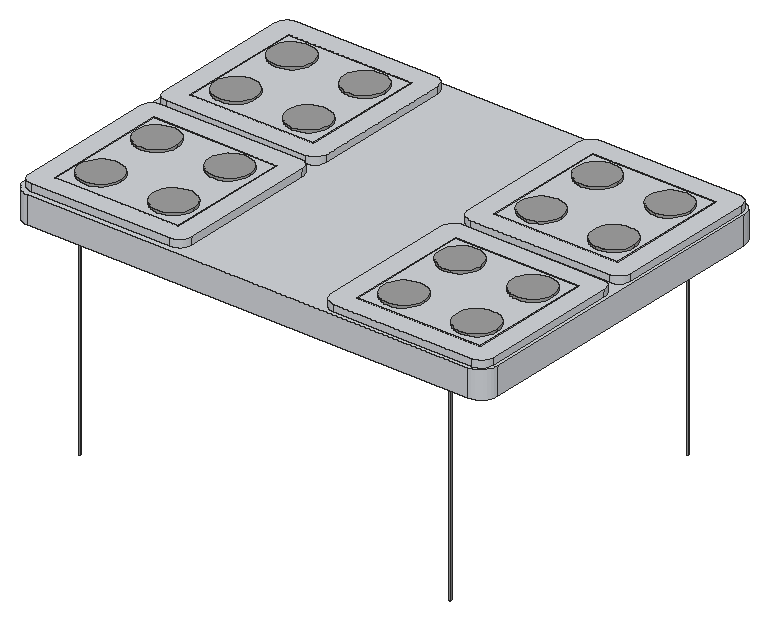
Revit family "Lighting-Industriale-GEWISS-SMART[4]HACCP_APPARECCHI-LED_4M_DALI", category Apparecchi per illuminazione, Revit 2019
Family settings
  Quota connettore circolare = Usa diametro
  Tipo di parte = Normale
  Numero OmniClass = 23.80.70.00
  Titolo OmniClass = Lighting
  Basato su piano di lavoro = Sì
  Sempre verticale = No
  Taglio con vuoti quando caricato = No
  Sorgente d'illuminazione = No
  Condiviso = No
  Punto di calcolo locali = No
Parameters (values of type "GWS4421HQ857 - SMART4HB 4M ST.AL.DALI HACCP ELL.57K")
  Voltaggio = 230 V
  Viti esterne = "Acciaio inox"
  Versione file RFA = "20.11"
  Vano di alimentazione = "Integrato"
  URL = "https://www.gewiss.com/it/it"
  Tolleranza cromatica = "SDCM = 3"
  Tipologia sorgente luminosa = "LED - Non sostituibile"
  Tipo di installazione e montaggio = "Plafone - Parete - Sospensione"
  Tipo di apparecchio = "Riflettore industriale a LED&nbsp;"
  Tensione di alimentazione = "220 - 240 V"
  Temperatura di stoccaggio = "-40 +70 °C"
  Temperatura di esercizio = "-30 +50 °C"
  Temperatura di colore = "5700K"
  Superficie massima esposta al vento : = "0,350 m²"
  Spostamento_y_etichetta [instance] = 0 mm
  Spostamento_y_effettivo_etichetta [instance] = 1500 mm - Spostamento_y_etichetta  # 1500 mm
  Spostamento_x_etichetta [instance] = 0 mm
  Spostamento_x_effettivo_etichetta [instance] = 1500 mm - Spostamento_x_etichetta  # 1500 mm
  SostituibilitÃ  piastra di cablaggio = "Non sostituibile"
  SostituibilitÃ  gruppo ottico = "Non sostituibile"
  Sistema di controllo : = "DALI"
  Sistema di controllo = "1 x DALI DT6"
  Schermo = "PMMA"
  Scheda Tecnica = "https://www.gewiss.com/it/it/search?q=GWS4421HQ857"
  SEO = "High bay"
  Resistenza al filo incandescente = "650 °C"
  Resistenza agli urti = "IK07"
  Produttore = "GEWISS S.p.A."
  Potenza di sistema = "253W"
  Peso (kg): = "13,5"
  Ottica = "Ellittica"
  Offset etichetta W [instance] = 150 mm
  Norma di riferimento = "EN 60598-1 ; EN 60598-2-1 ; EN 60598-2-24"
  Modello = "GWS4421HQ857"
  Materiali = "-"
  Lumen output (lm) = "32500"
  Lampada = "LED"
  Installazione e manutenzione = "-"
  Informazioni generali = "-"
  Indice di resa cromatica = "CRI-80"
  Inclinazione = "Con accessorio staffa"
  Immagine tipo = GWL1371.jpg
  IPEA = "-"
  IFC.TypeObject = ""
  IFC.ExportType = ""
  IFC.ExportAs = ""
  IDT = "8cae0c1428e746119892382860549084"
  IDF = "49b6653a-bfe8-4f28-939f-d650f0ba095b"
  Guarnizioni = "tipo siliconico antinvecchiamento "
  Gruppo ottico = "Riflettore in PC metallizzato e lenti in PMMA"
  Grado di protezione = "IP65"
  Garanzia = "5 anni"
  Gancio di chiusura = "-"
  Frequenza nominale (Hz) = "50/60 Hz"
  Fissaggio = "-"
  Finitura colore = "Grigio RAL 7035"
  Etichetta wattaggio [instance] = yes
  Spessore plafoniera = 40 mm  # constant formula
  Default Elevation = 1219.2 mm
  Proiettsmart4_simb [instance] = yes
  Plafoniera_bidimensionale [instance] = not(Proiettsmart4_simb)  # no
  Efficienza luminosa (lm/W) = "128"
  Durata di vita = "L90B10 (Tq+25°C) = 100.000 h - L90B10 (Tq+50°C) = 50.000 h"
  Dispositivo di protezione = "DM 6 kV / CM 10 kV"
  Descrizione = "SMART[4]HB 4M ST.AL.DALI HACCP ELL.57K"
  Creato da GEWISS S.p.A. = ""
  Corpo = "PA6 “Halogen Free” caricato fibra vetro"
  Controllo abbagliamento e luminanza = "-"
  Contesto = "Illuminazione di logistiche e locali produttivi industriali di tipo alimentari"
  Commenti sul wattaggio = "194W"
  Colore = "Grigio RAL 7035"
  Codice digitale univoco (Datamatrix) = "Datamatrix"
  Codice Electrocod = "2444"
  Classificazione: = "-"
  Classificazione = Lighting
  Classe isolamento = "I"
  Classe fotobiologica = "RG0"
  Certificazioni e classificazioni = "-"
  Certificazione DIN 18032-3 = "-"
  Catalogo = "LIGHTING"
  Carico apparente = 194 VA
  Lunghezza = 700 mm  # constant formula
  Larghezza = 504 mm  # constant formula
  Distanza_tot_plafoniera [instance] = 300 mm
  Distanza Sorg_Lum = 21.458 mm
  Caratteristiche ottiche e illuminotecniche = "-"
  Caratteristiche elettriche e gestione della luce = "-"
  Cablaggio = "Con connettore stagno Gw connect"
  COBie.Tagnumber = ""
  COBie.CreatedOn = ""
  COBie.CreatebBy = ""
  COBie.ComponentRegisterItemID = ""
  COBie.Component.TagNumber = ""
  COBie.Component.Space = ""
  COBie.Component.SerialNumber = ""
  COBie.Component.InstallationDate = ""
  COBie.Component.Description = ""
  COBie.Component.BarCode = ""
  Applicazione = "Interno"
  Apparecchio a ridotta temperatura superficiale = "Si"
  Alimentatore = "Incluso"
Types (12, lengths in mm): name | Temperatura di colore | Scheda Tecnica | SEO | Ottica | Modello | Lumen output (lm) | IDT | Gruppo ottico | Efficienza luminosa (lm/W) | Descrizione | Controllo abbagliamento e luminanza
  GWS4421HA840 - SMART4HB 4M ST.AL.DALI HACCP ARR.40K | "4000K" | "https://www.gewiss.com/it/it/search?q=GWS4421HA840" | "" | "Array" | "GWS4421HA840" | "36400" | "0210b93cf4374b0ab0eea4fe17e9f84e" | "Riflettore in PC metallizzato" | "144" | "SMART[4]HB 4M ST.AL.DALI HACCP ARR.40K" | "UGR - 25"
  GWS4421HA857 - SMART4HB 4M ST.AL.DALI HACCP ARR.57K | "5700K" | "https://www.gewiss.com/it/it/search?q=GWS4421HA857" | "" | "Array" | "GWS4421HA857" | "36400" | "1e9a5fec2e454c0e9347cb0d87d181c7" | "Riflettore in PC metallizzato" | "144" | "SMART[4]HB 4M ST.AL.DALI HACCP ARR.57K" | "UGR - 25"
  GWS4421HC840 - SMART4HB 4M ST.AL.DALI HACCP ASI.40K | "4000K" | "https://www.gewiss.com/it/it/search?q=GWS4421HC840" | "High bay" | "Asimmetrica" | "GWS4421HC840" | "33000" | "a894ce7d500a44668b02fffd6eb966c0" | "Riflettore in PC metallizzato e lenti in PMMA" | "130" | "SMART[4]HB 4M ST.AL.DALI HACCP ASI.40K" | "-"
  GWS4421HC857 - SMART4HB 4M ST.AL.DALI HACCP ASI.57K | "5700K" | "https://www.gewiss.com/it/it/search?q=GWS4421HC857" | "High bay" | "Asimmetrica" | "GWS4421HC857" | "33000" | "701970b846df4e6d9f75915896dc7cf9" | "Riflettore in PC metallizzato e lenti in PMMA" | "130" | "SMART[4]HB 4M ST.AL.DALI HACCP ASI.57K" | "-"
  GWS4421HF840 - SMART4HB 4M ST.AL.DALI HACCP 30° 40K | "4000K" | "https://www.gewiss.com/it/it/search?q=GWS4421HF840" | "" | "30°" | "GWS4421HF840" | "35700" | "290c3c1023564d9795263b0c5d546fe3" | "Riflettore in PC metallizzato e lenti in PMMA" | "141" | "SMART[4]HB 4M ST.AL.DALI HACCP 30° 40K" | "UGR - 19"
  GWS4421HF857 - SMART4HB 4M ST.AL.DALI HACCP 30° 57K | "5700K" | "https://www.gewiss.com/it/it/search?q=GWS4421HF857" | "" | "30°" | "GWS4421HF857" | "35700" | "4a32239c530042ba94b29557b786ad2c" | "Riflettore in PC metallizzato e lenti in PMMA" | "141" | "SMART[4]HB 4M ST.AL.DALI HACCP 30° 57K" | "UGR - 19"
  GWS4421HH840 - SMART4HB 4M ST.AL.DALI HACCP 60° 40K | "4000K" | "https://www.gewiss.com/it/it/search?q=GWS4421HH840" | "" | "60°" | "GWS4421HH840" | "36100" | "8428c04f35d04da8b97441649c1f88be" | "Riflettore in PC metallizzato e lenti in PMMA" | "143" | "SMART[4]HB 4M ST.AL.DALI HACCP 60° 40K" | "UGR - 22"
  GWS4421HH857 - SMART4HB 4M ST.AL.DALI HACCP 60° 57K | "5700K" | "https://www.gewiss.com/it/it/search?q=GWS4421HH857" | "" | "60°" | "GWS4421HH857" | "36100" | "af64887aca404c3d941e04a4dfe383f3" | "Riflettore in PC metallizzato e lenti in PMMA" | "143" | "SMART[4]HB 4M ST.AL.DALI HACCP 60° 57K" | "UGR - 22"
  GWS4421HP840 - SMART4HB 4M ST.AL.DALI HACCP 90° 40K | "4000K" | "https://www.gewiss.com/it/it/search?q=GWS4421HP840" | "" | "90°" | "GWS4421HP840" | "36100" | "70e9df6ecb5b48aeabc9627983f29cc4" | "Riflettore in PC metallizzato e lenti in PMMA" | "143" | "SMART[4]HB 4M ST.AL.DALI HACCP 90° 40K" | "UGR - 22"
  GWS4421HP857 - SMART4HB 4M ST.AL.DALI HACCP 90° 57K | "5700K" | "https://www.gewiss.com/it/it/search?q=GWS4421HP857" | "" | "90°" | "GWS4421HP857" | "36100" | "9659d56930f94aeaa07c9e9138f4a6b6" | "Riflettore in PC metallizzato e lenti in PMMA" | "143" | "SMART[4]HB 4M ST.AL.DALI HACCP 90° 57K" | "UGR - 22"
  GWS4421HQ840 - SMART4HB 4M ST.AL.DALI HACCP ELL.40K | "4000K" | "https://www.gewiss.com/it/it/search?q=GWS4421HQ840" | "High bay" | "Ellittica" | "GWS4421HQ840" | "32500" | "6a0113a7b5224e16ad02a7929e34902a" | "Riflettore in PC metallizzato e lenti in PMMA" | "128" | "SMART[4]HB 4M ST.AL.DALI HACCP ELL.40K" | "-"
  GWS4421HQ857 - SMART4HB 4M ST.AL.DALI HACCP ELL.57K | "5700K" | "https://www.gewiss.com/it/it/search?q=GWS4421HQ857" | "High bay" | "Ellittica" | "GWS4421HQ857" | "32500" | "8cae0c1428e746119892382860549084" | "Riflettore in PC metallizzato e lenti in PMMA" | "128" | "SMART[4]HB 4M ST.AL.DALI HACCP ELL.57K" | "-"
Reference planes
  plane 1 "Asse sorgente illuminazione (F/B)": y = 0
  plane 2 "2": z = 0
  plane 3 "Asse sorgente illuminazione (L/R)": x = 0
  plane 4 "Prospetto sorgente di illuminazione": z = 1500
  plane 5: x = -350
  plane 6: y = 252
  plane 7: x = 350
  plane 8: y = -252
  plane 9: x = 345
  plane 10: x = -345
  plane 11: x = -104.5
  plane 12: x = 104.5
  plane 13: y = 0
  plane 14: y = -1500
  plane 15: z = 300
  plane 16: z = 340
  plane 17: z = 350
  plane 18: x = -1500
  plane 19: x = 0
  plane 20: y = 0
Dimensions and locks
  equal spacing: plane 6, plane 1 "Asse sorgente illuminazione (F/B)", plane 8
  "Larghezza": plane 6 to plane 8
  equal spacing: plane 5, plane 3 "Asse sorgente illuminazione (L/R)", plane 7
  "Lunghezza": plane 5 to plane 7
  locked: plane 5 to plane 10 at 5
  locked: plane 9 to plane 7 at 5
  locked: plane 16 to plane 15 at 40
  plane 17 to plane 16 = 10 mm
  "Distanza_tot_plafoniera": plane 15 to plane 2 "2"
  plane 18 to plane 3 "Asse sorgente illuminazione (L/R)" = 1500 mm
  plane 1 "Asse sorgente illuminazione (F/B)" to plane 14 = 1500 mm
  "Spostamento_y_effettivo_etichetta": plane 20 to plane 14
  "Spostamento_x_effettivo_etichetta": plane 18 to plane 19
  aligned and locked: level to plane 2 "2"
  aligned and locked: plane 5 to nested 1
  aligned and locked: plane 6 to nested 1
  aligned and locked: plane 9 to nested 2  (x2)
  aligned and locked: plane 10 to nested 12
  aligned and locked: nested 1 to plane 15
  aligned and locked: nested 17 to plane 16
  aligned and locked: plane 16 to nested 12
  aligned and locked: plane 16 to nested 7
  aligned and locked: nested 2 to plane 16
  aligned and locked: plane 17 to nested 19
  aligned and locked: nested 21 to plane 17
  aligned and locked: plane 17 to nested 16
  aligned and locked: nested 14 to plane 17
  aligned and locked: plane 17 to nested 18
  aligned and locked: nested 20 to plane 17
  aligned and locked: plane 17 to nested 15
  aligned and locked: nested 13 to plane 17
  aligned and locked: nested 8 to plane 17
  aligned and locked: plane 17 to nested 10
  aligned and locked: nested 5 to plane 17
  aligned and locked: plane 17 to nested 3
  aligned and locked: nested 9 to plane 17
  aligned and locked: plane 17 to nested 11
  aligned and locked: nested 6 to plane 17
  aligned and locked: plane 17 to nested 4
  aligned and locked: nested 22 to plane 2 "2"
  aligned and locked: nested 23 to plane 2 "2"
  aligned and locked: nested 24 to plane 2 "2"
  aligned and locked: nested 25 to plane 2 "2"
  aligned and locked: nested 28 to plane 20
  aligned and locked: nested 28 to plane 19
Nested families
  nested 1: "Struttura_SMART 4" at (0, 0, 340), type "SMART 4 HB - 4 x 4L"
  nested 2: "mascherina_SMART (4)" at (225, 127, 350), type "Maschera_smart (4) 4L", detail levels fine
  nested 3: "Gewis - Led" at (172.217, 179, 353), type "Gewis - Led", detail levels medium+fine
  nested 4: "Gewis - Led" at (280, 179, 353), type "Gewis - Led", detail levels medium+fine
  nested 5: "Gewis - Led" at (172.217, 75, 353), type "Gewis - Led", detail levels medium+fine
  nested 6: "Gewis - Led" at (280, 75, 353), type "Gewis - Led", detail levels medium+fine
  nested 7: "mascherina_SMART (4)" at (225, -127, 350), type "Maschera_smart (4) 4L", detail levels fine
  nested 8: "Gewis - Led" at (172.217, -179, 353), type "Gewis - Led", detail levels medium+fine
  nested 9: "Gewis - Led" at (280, -179, 353), type "Gewis - Led", detail levels medium+fine
  nested 10: "Gewis - Led" at (172.217, -75, 353), type "Gewis - Led", detail levels medium+fine
  nested 11: "Gewis - Led" at (280, -75, 353), type "Gewis - Led", detail levels medium+fine
  nested 12: "mascherina_SMART (4)" at (-225, 127, 350) x (-1, 0, 0) z (0, 0, 1), type "Maschera_smart (4) 4L", detail levels fine
  nested 13: "Gewis - Led" at (-172.217, 179, 353) x (-1, 0, 0) z (0, 0, 1), type "Gewis - Led", detail levels medium+fine
  nested 14: "Gewis - Led" at (-280, 179, 353) x (-1, 0, 0) z (0, 0, 1), type "Gewis - Led", detail levels medium+fine
  nested 15: "Gewis - Led" at (-172.217, 75, 353) x (-1, 0, 0) z (0, 0, 1), type "Gewis - Led", detail levels medium+fine
  nested 16: "Gewis - Led" at (-280, 75, 353) x (-1, 0, 0) z (0, 0, 1), type "Gewis - Led", detail levels medium+fine
  nested 17: "mascherina_SMART (4)" at (-225, -123, 350) x (-1, 0, 0) z (0, 0, 1), type "Maschera_smart (4) 4L", detail levels fine
  nested 18: "Gewis - Led" at (-172.217, -175, 353) x (-1, 0, 0) z (0, 0, 1), type "Gewis - Led", detail levels medium+fine
  nested 19: "Gewis - Led" at (-280, -175, 353) x (-1, 0, 0) z (0, 0, 1), type "Gewis - Led", detail levels medium+fine
  nested 20: "Gewis - Led" at (-172.217, -71, 353) x (-1, 0, 0) z (0, 0, 1), type "Gewis - Led", detail levels medium+fine
  nested 21: "Gewis - Led" at (-280, -71, 353) x (-1, 0, 0) z (0, 0, 1), type "Gewis - Led", detail levels medium+fine
  nested 22: "Sospensione_ SMART LAB 4" at (274.338, -220.687, 0), Altezza sospensione <- "Distanza_tot_plafoniera", type "Sospensione_ SMART LAB 4"
    with Altezza sospensione 300 mm
  nested 23: "Sospensione_ SMART LAB 4" at (274.338, 219.313, 0), Altezza sospensione <- "Distanza_tot_plafoniera", type "Sospensione_ SMART LAB 4"
    with Altezza sospensione 300 mm
  nested 24: "Sospensione_ SMART LAB 4" at (-274.338, -220.687, 0), Altezza sospensione <- "Distanza_tot_plafoniera", type "Sospensione_ SMART LAB 4"
    with Altezza sospensione 300 mm
  nested 25: "Sospensione_ SMART LAB 4" at (-274.338, 219.313, 0), Altezza sospensione <- "Distanza_tot_plafoniera", type "Sospensione_ SMART LAB 4"
    with Altezza sospensione 300 mm
  nested 26: "Rappr_ bidimensionale" at (0, 0, 0), visible <- "Plafoniera_bidimensionale", type "4 X4 LED"
  nested 27: "PROIETTSMART - 4" at (0, 0, 0), visible <- "Proiettsmart4_simb", type "PROIETTSMART - 4"
  nested 28: "ETICHETTA LIGHT" at (0, 0, 0), type "ETICHETTA LIGHT"
Connectors
  electrical at (0.009, -0.098, 300), driven by "Classificazione", driven by "Carico apparente"
    settings: on nested 1, index 1, voltage 230 V, apparent load 0 VA, apparent load phase1 194 VA, apparent load phase2 0 VA, apparent load phase3 0 VA, power factor 1, load classification "Lighting", number of poles 2, system type 31, power factor state 1, is connector primary yes, connector utility no, sub classification motor no, connector description ""
Definition of nested family "Struttura_SMART 4"
  Parameters (values of type "SMART 4 HB - 4 x 4L")
    Struttura plafoniera = none
    Spessore_plafoniera = 40 mm
    Lunghezza = 700 mm
    Larghezza = 504 mm
  Types (2, lengths in mm): name | Lunghezza | Larghezza
    SMART 4 HB - 4+4L | 699 | 254
    SMART 4 HB - 4 x 4L | 700 | 504
  Reference planes
    plane 1 "Asse sorgente illuminazione (F/B)": y = 0
    plane 2: z = 0
    plane 3 "Asse sorgente illuminazione (L/R)": x = 0
    plane 4 "Prospetto sorgente di illuminazione": z = -40
    plane 5 "SX": x = -350
    plane 6 "DX": x = 350
    plane 7 "DIETRO": y = 252
    plane 8 "AVANTI": y = -252
    plane 9: x = 107
    plane 10: x = 339
    plane 11: y = -241
    plane 12: y = 241
    plane 13: x = -339
    plane 14: x = -107
  Forms (mm)
    Extrusion 1, solid, material <- "Struttura plafoniera"
      sketch origin (0, 0, 0) x (1, 0, 0) y (0, 1, 0)
        loop
          line (350, -227.595) -> (350, 227.59)
          arc (350, 227.59) -> (342.85, 244.85) -> (325.59, 252) r 24.41
          line (325.59, 252) -> (-325.509, 252)
          arc (-325.509, 252) -> (-343.054, 244.6) -> (-350, 226.871) r 24.499
          line (-350, 226.871) -> (-350, -227.592)
          arc (-350, -227.592) -> (-342.851, -244.851) -> (-325.592, -252) r 24.408
          line (-325.592, -252) -> (325.617, -252)
          arc (325.617, -252) -> (342.834, -244.868) -> (349.965, -227.652) r 24.348
      from -40 to 0
  Dimensions and locks
    equal spacing: plane 5 "SX", plane 3 "Asse sorgente illuminazione (L/R)", plane 6 "DX"
    equal spacing: plane 7 "DIETRO", plane 1 "Asse sorgente illuminazione (F/B)", plane 8 "AVANTI"
    "Lunghezza": plane 5 "SX" to plane 6 "DX"
    "Larghezza": plane 7 "DIETRO" to plane 8 "AVANTI"
    locked: plane 7 "DIETRO" to plane 12 at 11
    locked: plane 11 to plane 8 "AVANTI" at 11
    locked: plane 10 to plane 6 "DX" at 11
    locked: plane 9 to plane 10 at 232
    plane 13 to plane 14 = 232 mm
    locked: plane 5 "SX" to plane 13 at 11
    "Spessore_plafoniera": plane 2 to plane 4 "Prospetto sorgente di illuminazione"
    aligned and locked: level to plane 2
    aligned and locked: Extrusion 1 to plane 5 "SX"
    aligned and locked: Extrusion 1 to plane 8 "AVANTI"  (x2)
    aligned and locked: plane 7 "DIETRO" to Extrusion 1
    aligned and locked: plane 6 "DX" to Extrusion 1
    aligned and locked: plane 4 "Prospetto sorgente di illuminazione" to Extrusion 1
    aligned and locked: plane 2 to Extrusion 1
  Automatic sketch dimensions
    Extrusion 1 sketch curve to plane 5 "SX" = 0 mm
    Extrusion 1 sketch curve to plane 8 "AVANTI" = 0 mm
    Extrusion 1 sketch curve to plane 7 "DIETRO" = 0 mm
    Extrusion 1 sketch curve to plane 6 "DX" = 0 mm
    plane 13 to Extrusion 1 sketch curve = 13.408 mm
    plane 13 to Extrusion 1 sketch curve = 13.491 mm
    Extrusion 1 sketch curve to plane 10 = 13.41 mm
    Extrusion 1 sketch curve to plane 10 = 13.383 mm
    plane 11 to Extrusion 1 sketch curve = 13.348 mm
    Extrusion 1 sketch curve to plane 12 = 14.129 mm
    Extrusion 1 sketch curve to Extrusion 1 sketch curve = 0.056 mm
Definition of nested family "mascherina_SMART (4)"
  Parameters (values of type "Maschera_smart (4) 4L")
    Spessore_mascherina = 10 mm
    Default Elevation = 1219.2 mm
    N.intarsi = (Lunghezza_mascherina - (Bordo * 2)) / 15 mm  # 12
    N._intarsi verticale = (Larghezza_mascherina - (Bordo * 2)) / 17 mm  # 11
    Mascherina = none
    Lunghezza_mascherina = 240 mm
    Larghezza_mascherina = 240 mm
    Distanza_intarsi v. = 41 mm  # constant formula
    Distanza_intarsi = 37 mm  # constant formula
    Bordo = 29 mm
  Reference planes
    plane 1 "Centro (Fronte/Retro)": y = 0
    plane 2: z = 0
    plane 3 "Centro (Sinistra/Destra)": x = 0
    plane 4: x = -120
    plane 5 "Dietro": y = 120
    plane 6: x = 120
    plane 7: y = -120
    plane 8: x = -91
    plane 9: y = -91
    plane 10: x = 91
    plane 11: y = 91
    plane 12: x = -83
    plane 13: y = 94.742
    plane 14: y = -95
    plane 15: z = -10
    plane 16: x = -95
    plane 17: y = 79
    plane 18: y = -79
    plane 19: x = 95
    plane 20: z = -4.799
  Forms (mm)
    Extrusion 1, solid, material <- "Mascherina"
      sketch origin (0, 0, 0) x (1, 0, 0) y (0, 1, 0)
        loop
          arc (-102.5, 120) -> (-114.874, 114.874) -> (-120, 102.5) r 17.5
          line (-120, 102.5) -> (-120, -102.5)
          arc (-120, -102.5) -> (-114.874, -114.874) -> (-102.5, -120) r 17.5
          line (-102.5, -120) -> (102.5, -120)
          arc (102.5, -120) -> (114.874, -114.874) -> (120, -102.5) r 17.5
          line (120, -102.5) -> (120, 102.5)
          arc (120, 102.5) -> (114.874, 114.874) -> (102.5, 120) r 17.5
          line (102.5, 120) -> (-102.5, 120)
        loop
          line (-91, 91) -> (-91, -91) -> (91, -91) -> (91, 91) -> (-91, 91)
      from -10 to 0
    Extrusion 2, solid, material <- "Mascherina"
      sketch origin (0, 0, 0) x (1, 0, 0) y (0, 1, 0)
        loop
          line (-91, 91) -> (-91, -91) -> (91, -91) -> (91, 91) -> (-91, 91)
      from -4.799 to 0
  Dimensions and locks
    equal spacing: plane 4, plane 3 "Centro (Sinistra/Destra)", plane 6
    "Lunghezza_mascherina": plane 4 to plane 6
    equal spacing: plane 5 "Dietro", plane 1 "Centro (Fronte/Retro)", plane 7
    "Larghezza_mascherina": plane 5 "Dietro" to plane 7
    "Bordo": plane 4 to plane 8
    "Bordo": plane 9 to plane 7
    "Bordo": plane 5 "Dietro" to plane 11
    "Bordo": plane 10 to plane 6
    "Distanza_intarsi": plane 4 to plane 12
    locked: plane 13 to plane 11 at 3.742
    "Spessore_mascherina": plane 2 to plane 15
    "Distanza_intarsi v.": plane 5 "Dietro" to plane 17
    "Distanza_intarsi v.": plane 18 to plane 7
    locked: plane 9 to plane 14 at 4
    locked: plane 16 to plane 8 at 4
    locked: plane 10 to plane 19 at 4
    locked: plane 2 to plane 20 at 4.799
    radius of Extrusion 1 sketch curve = 17.5 mm  (x4)
    aligned and locked: level to plane 2
    aligned and locked: plane 4 to Extrusion 1 sketch curve
    aligned and locked: plane 6 to Extrusion 1 sketch curve
    aligned and locked: Extrusion 1 sketch curve to plane 5 "Dietro"
    aligned and locked: Extrusion 1 sketch curve to plane 7
    aligned and locked: Extrusion 1 sketch curve to plane 11
    aligned and locked: plane 8 to Extrusion 1 sketch curve
    aligned and locked: plane 9 to Extrusion 1 sketch curve
    aligned and locked: Extrusion 1 sketch curve to plane 10
    aligned and locked: plane 2 to Extrusion 1
    aligned and locked: Extrusion 1 to plane 15
    aligned and locked: Extrusion 2 sketch curve to plane 10
    aligned and locked: plane 9 to Extrusion 2 sketch curve
    aligned and locked: plane 8 to Extrusion 2 sketch curve
    aligned and locked: Extrusion 2 sketch curve to plane 11
    aligned and locked: plane 2 to Extrusion 2
    aligned and locked: Extrusion 2 to plane 20
Definition of nested family "Gewis - Led"
  Parameters (values of type "Gewis - Led")
    Vetro = none
    Raggio led = 30 mm
    Default Elevation = 1219.2 mm
    Estensione vetro = 3 mm
  Reference planes
    plane 1 "Centro (Fronte/Retro)": y = 0
    plane 2: z = 0
    plane 3 "Centro (Sinistra/Destra)": x = 0
  Forms (mm)
    Extrusion 1, solid, material <- "Vetro"
      sketch origin (0, 0, 0) x (1, 0, 0) y (0, 1, 0)
        loop
          circle (0, 0) r 30
      from -3 to 0
  Dimensions and locks
    "Estensione vetro": level to Extrusion 1
    "Raggio led": radius of Extrusion 1 sketch curve
    aligned and locked: level to plane 2
    aligned and locked: level to Extrusion 1
  Automatic sketch dimensions
    plane 1 "Centro (Fronte/Retro)" to Extrusion 1 sketch curve = 0 mm
    Extrusion 1 sketch curve to plane 3 "Centro (Sinistra/Destra)" = 0 mm
Definition of nested family "Sospensione_ SMART LAB 4"
  Parameters (values of type "Sospensione_ SMART LAB 4")
    Default Elevation = 1219.2 mm
    Altezza sospensione [instance] = 500 mm
  Reference planes
    plane 1 "Center (Front/Back)": y = 0
    plane 2: z = 0
    plane 3 "Center (Left/Right)": x = 0
    plane 4: z = 500
  Forms (mm)
    Extrusion 1, solid
      sketch origin (0, 0, 0) x (1, 0, 0) y (0, 1, 0)
        loop
          circle (0, -0.028) r 1.25
      from 0 to 500
  Lines and regions (mm)
    model lines, not visible
      curve 1: line (0, 0, 0) -> (0, 0, 9.482)
  Dimensions and locks
    "Altezza sospensione": plane 4 to level
    plane 4 to plane 2 = 500 mm
    aligned and locked: level to plane 2
    aligned and locked: plane 4 to Extrusion 1
    aligned and locked: Extrusion 1 to plane 2
  Automatic sketch dimensions
    Extrusion 1 sketch curve to plane 3 "Center (Left/Right)" = 0 mm
    plane 1 "Center (Front/Back)" to Extrusion 1 sketch curve = 0.028 mm
    curve 1 to plane 3 "Center (Left/Right)" = 0 mm
    curve 1 to level = 0 mm
    curve 1 to curve 1 = 9.482 mm
    radius of Extrusion 1 sketch curve = 1.25 mm
Definition of nested family "Rappr_ bidimensionale"
  Parameters (values of type "4 X4 LED")
    5 LED = no
    4 LED = not([5 LED])  # yes
  Reference planes
    plane 1 "Centro (Fronte/Retro)": y = 0
    plane 2: z = 0
    plane 3 "Centro (Sinistra/Destra)": x = 0
  Lines and regions (mm)
    model lines, in view "Livello rif.", visible <- "4 LED"
      curve 1: circle (176.124, 171.566, 0) r 28.619 normal (0, 0, 1)
      curve 2: circle (270.124, 77.566, 0) r 28.619 normal (0, 0, 1)
      curve 3: circle (176.124, 77.566, 0) r 28.619 normal (0, 0, 1)
      curve 4: circle (270.124, 171.566, 0) r 28.619 normal (0, 0, 1)
      curve 5: circle (-175.025, 77.434, 0) r 28.619 normal (0, 0, 1)
      curve 6: circle (-269.025, 171.434, 0) r 28.619 normal (0, 0, 1)
      curve 7: circle (-175.025, 171.434, 0) r 28.619 normal (0, 0, 1)
      curve 8: circle (-269.025, 77.434, 0) r 28.619 normal (0, 0, 1)
      curve 9: circle (-175.025, -171.611, 0) r 28.619 normal (0, 0, 1)
      curve 10: circle (-269.025, -77.611, 0) r 28.619 normal (0, 0, 1)
      curve 11: circle (-175.025, -77.611, 0) r 28.619 normal (0, 0, 1)
      curve 12: circle (-269.025, -171.611, 0) r 28.619 normal (0, 0, 1)
      curve 13: circle (176.124, -77.434, 0) r 28.619 normal (0, 0, 1)
      curve 14: circle (270.124, -171.434, 0) r 28.619 normal (0, 0, 1)
      curve 15: circle (176.124, -171.434, 0) r 28.619 normal (0, 0, 1)
      curve 16: circle (270.124, -77.434, 0) r 28.619 normal (0, 0, 1)
    model lines, in view "Livello rif."
      curve 17: arc (-326.07, 251.865, 0) -> (-342.562, 245.006, 0) -> (-349.39, 228.5, 0) r 23.365
      curve 18: arc (350.489, 228.546, 0) -> (343.613, 245.054, 0) -> (327.079, 251.865, 0) r 23.365
      curve 19: arc (327.098, -251.865, 0) -> (343.653, -245.015, 0) -> (350.489, -228.454, 0) r 23.365
      curve 20: arc (-349.39, -228.5, 0) -> (-342.555, -245.013, 0) -> (-326.05, -251.865, 0) r 23.365
      curve 21: arc (-102.728, -20.5, 0) -> (-107.214, -9.678, 0) -> (-118.041, -5.203, 0) r 15.297
      curve 22: arc (-118.041, 5.203, 0) -> (-107.214, 9.678, 0) -> (-102.728, 20.5, 0) r 15.297
      curve 23: arc (-118.041, -243.797, 0) -> (-107.214, -239.322, 0) -> (-102.728, -228.5, 0) r 15.297
      curve 24: arc (327.107, 5.203, 0) -> (337.947, 9.69, 0) -> (342.421, 20.535, 0) r 15.297
      curve 25: arc (103.827, 20.465, 0) -> (108.314, 9.677, 0) -> (119.107, 5.203, 0) r 15.297
      curve 26: arc (119.089, 243.797, 0) -> (108.308, 239.316, 0) -> (103.827, 228.535, 0) r 15.297
      curve 27: arc (342.421, 228.535, 0) -> (337.916, 239.341, 0) -> (327.089, 243.797, 0) r 15.297
      curve 28: arc (-341.321, 20.535, 0) -> (-336.859, 9.702, 0) -> (-326.041, 5.203, 0) r 15.297
      curve 29: arc (-326.059, 243.797, 0) -> (-336.865, 239.292, 0) -> (-341.321, 228.465, 0) r 15.297
      curve 30: arc (-102.728, 228.5, 0) -> (-107.22, 239.329, 0) -> (-118.059, 243.797, 0) r 15.297
      curve 31: arc (342.421, -20.465, 0) -> (337.922, -9.666, 0) -> (327.107, -5.203, 0) r 15.297
      curve 32: arc (327.107, -243.797, 0) -> (337.947, -239.31, 0) -> (342.421, -228.465, 0) r 15.297
      curve 33: arc (103.827, -228.535, 0) -> (108.314, -239.323, 0) -> (119.107, -243.797, 0) r 15.297
      curve 34: arc (119.107, -5.203, 0) -> (108.314, -9.677, 0) -> (103.827, -20.465, 0) r 15.297
      curve 35: arc (-341.321, -228.465, 0) -> (-336.859, -239.298, 0) -> (-326.041, -243.797, 0) r 15.297
      curve 36: arc (-326.041, -5.203, 0) -> (-336.859, -9.702, 0) -> (-341.321, -20.535, 0) r 15.297
      curve 37: line (130.624, 32, 0) -> (130.624, 217, 0)
      curve 38: line (130.624, 217, 0) -> (315.624, 217, 0)
      curve 39: line (315.624, 217, 0) -> (315.624, 32, 0)
      curve 40: line (315.624, 32, 0) -> (130.624, 32, 0)
      curve 41: line (-129.525, 32, 0) -> (-314.525, 32, 0)
      curve 42: line (-314.525, 32, 0) -> (-314.525, 217, 0)
      curve 43: line (-314.525, 217, 0) -> (-129.525, 217, 0)
      curve 44: line (-129.525, 217, 0) -> (-129.525, 32, 0)
      curve 45: line (-129.525, -217.045, 0) -> (-314.525, -217.045, 0)
      curve 46: line (-314.525, -217.045, 0) -> (-314.525, -32.045, 0)
      curve 47: line (-314.525, -32.045, 0) -> (-129.525, -32.045, 0)
      curve 48: line (-129.525, -32.045, 0) -> (-129.525, -217.045, 0)
      curve 49: line (130.624, -217, 0) -> (130.624, -32, 0)
      curve 50: line (130.624, -32, 0) -> (315.624, -32, 0)
      curve 51: line (315.624, -32, 0) -> (315.624, -217, 0)
      curve 52: line (315.624, -217, 0) -> (130.624, -217, 0)
      curve 53: line (-349.39, 228.5, 0) -> (-349.39, -228.5, 0)
      curve 54: line (327.079, 251.865, 0) -> (-326.07, 251.865, 0)
      curve 55: line (350.489, -228.454, 0) -> (350.489, 228.546, 0)
      curve 56: line (327.098, -251.865, 0) -> (-326.05, -251.865, 0)
      curve 57: line (-102.728, -228.5, 0) -> (-102.728, -20.5, 0)
      curve 58: line (-326.041, -5.203, 0) -> (-118.041, -5.203, 0)
      curve 59: line (-102.728, 20.5, 0) -> (-102.728, 228.5, 0)
      curve 60: line (-326.041, 5.203, 0) -> (-118.041, 5.203, 0)
      curve 61: line (119.107, 5.203, 0) -> (327.107, 5.203, 0)
      curve 62: line (103.827, 20.465, 0) -> (103.827, 228.535, 0)
      curve 63: line (119.089, 243.797, 0) -> (327.089, 243.797, 0)
      curve 64: line (342.421, 20.535, 0) -> (342.421, 228.535, 0)
      curve 65: line (-341.321, 20.535, 0) -> (-341.321, 228.465, 0)
      curve 66: line (-326.059, 243.797, 0) -> (-118.059, 243.797, 0)
      curve 67: line (119.107, -5.203, 0) -> (327.107, -5.203, 0)
      curve 68: line (342.421, -228.465, 0) -> (342.421, -20.465, 0)
      curve 69: line (119.107, -243.797, 0) -> (327.107, -243.797, 0)
      curve 70: line (103.827, -228.535, 0) -> (103.827, -20.465, 0)
      curve 71: line (-326.041, -243.797, 0) -> (-118.041, -243.797, 0)
      curve 72: line (-341.321, -228.465, 0) -> (-341.321, -20.535, 0)
    detail lines, in view "Livello rif.", visible <- "5 LED"
      curve 73: circle (-223.979, 122.48, 0) r 28.619 normal (0, 0, 1)
      curve 74: circle (-175.025, 77.434, 0) r 28.619 normal (0, 0, 1)
      curve 75: circle (-269.025, 171.434, 0) r 28.619 normal (0, 0, 1)
      curve 76: circle (-175.025, 171.434, 0) r 28.619 normal (0, 0, 1)
      curve 77: circle (-269.025, 77.434, 0) r 28.619 normal (0, 0, 1)
      curve 78: circle (176.124, 171.566, 0) r 28.619 normal (0, 0, 1)
      curve 79: circle (270.124, 77.566, 0) r 28.619 normal (0, 0, 1)
      curve 80: circle (176.124, 77.566, 0) r 28.619 normal (0, 0, 1)
      curve 81: circle (270.124, 171.566, 0) r 28.619 normal (0, 0, 1)
      curve 82: circle (-175.025, -171.611, 0) r 28.619 normal (0, 0, 1)
      curve 83: circle (-269.025, -77.611, 0) r 28.619 normal (0, 0, 1)
      curve 84: circle (-175.025, -77.611, 0) r 28.619 normal (0, 0, 1)
      curve 85: circle (-269.025, -171.611, 0) r 28.619 normal (0, 0, 1)
      curve 86: circle (176.124, -77.434, 0) r 28.619 normal (0, 0, 1)
      curve 87: circle (270.124, -171.434, 0) r 28.619 normal (0, 0, 1)
      curve 88: circle (176.124, -171.434, 0) r 28.619 normal (0, 0, 1)
      curve 89: circle (270.124, -77.434, 0) r 28.619 normal (0, 0, 1)
      curve 90: circle (-221.479, -125.02, 0) r 28.619 normal (0, 0, 1)
      curve 91: circle (221.694, -125.02, 0) r 28.619 normal (0, 0, 1)
      curve 92: circle (221.694, 124.956, 0) r 28.619 normal (0, 0, 1)
Definition of nested family "PROIETTSMART - 4"
  Reference planes
    plane 1 "Centro (Fronte/Retro)": y = 0
    plane 2: z = 0
    plane 3 "Centro (Sinistra/Destra)": x = 0
  Lines and regions (mm)
    model lines, in view "Livello rif."
      curve 1: line (134.982, -122.65, 0) -> (68.521, -89.561, 0)
      curve 2: line (68.521, -89.561, 0) -> (134.982, -56.075, 0)
      curve 3: line (134.982, -56.075, 0) -> (134.982, -122.65, 0)
      curve 4: line (68.521, -56.274, 0) -> (68.521, -122.849, 0)
      curve 5: line (68.521, -89.561, 0) -> (29.658, -89.561, 0)
      curve 6: line (134.982, -89.362, 0) -> (163.679, -89.362, 0)
      curve 7: line (198.934, -192.237, 0) -> (-201.066, -192.237, 0)
      curve 8: line (19.872, -13.139, 0) -> (172.718, -13.139, 0)
      curve 9: line (172.718, -13.139, 0) -> (172.718, -165.984, 0)
      curve 10: line (172.718, -165.984, 0) -> (19.872, -165.984, 0)
      curve 11: line (19.872, -165.984, 0) -> (19.872, -13.139, 0)
      curve 12: line (-59.74, -122.65, 0) -> (-126.201, -89.561, 0)
      curve 13: line (-126.201, -89.561, 0) -> (-59.74, -56.075, 0)
      curve 14: line (-59.74, -56.075, 0) -> (-59.74, -122.65, 0)
      curve 15: line (-126.201, -56.274, 0) -> (-126.201, -122.849, 0)
      curve 16: line (-126.201, -89.561, 0) -> (-165.064, -89.561, 0)
      curve 17: line (-59.74, -89.362, 0) -> (-31.043, -89.362, 0)
      curve 18: line (-174.85, -13.139, 0) -> (-22.005, -13.139, 0)
      curve 19: line (-22.005, -13.139, 0) -> (-22.005, -165.984, 0)
      curve 20: line (-22.005, -165.984, 0) -> (-174.85, -165.984, 0)
      curve 21: line (-174.85, -165.984, 0) -> (-174.85, -13.139, 0)
      curve 22: line (134.982, 56.449, 0) -> (68.521, 89.537, 0)
      curve 23: line (68.521, 89.537, 0) -> (134.982, 123.023, 0)
      curve 24: line (134.982, 123.023, 0) -> (134.982, 56.449, 0)
      curve 25: line (68.521, 122.824, 0) -> (68.521, 56.25, 0)
      curve 26: line (68.521, 89.537, 0) -> (29.658, 89.537, 0)
      curve 27: line (134.982, 89.736, 0) -> (163.679, 89.736, 0)
      curve 28: line (19.872, 165.96, 0) -> (172.718, 165.96, 0)
      curve 29: line (172.718, 165.96, 0) -> (172.718, 13.114, 0)
      curve 30: line (172.718, 13.114, 0) -> (19.872, 13.114, 0)
      curve 31: line (19.872, 13.114, 0) -> (19.872, 165.96, 0)
      curve 32: line (198.934, -192.237, 0) -> (198.934, 192.237, 0)
      curve 33: line (198.934, 192.237, 0) -> (-201.066, 192.237, 0)
      curve 34: line (-201.066, 192.237, 0) -> (-201.066, -192.237, 0)
      curve 35: line (-59.74, 56.449, 0) -> (-126.201, 89.537, 0)
      curve 36: line (-126.201, 89.537, 0) -> (-59.74, 123.023, 0)
      curve 37: line (-59.74, 123.023, 0) -> (-59.74, 56.449, 0)
      curve 38: line (-126.201, 122.824, 0) -> (-126.201, 56.25, 0)
      curve 39: line (-126.201, 89.537, 0) -> (-165.064, 89.537, 0)
      curve 40: line (-59.74, 89.736, 0) -> (-31.043, 89.736, 0)
      curve 41: line (-174.85, 165.96, 0) -> (-22.005, 165.96, 0)
      curve 42: line (-22.005, 165.96, 0) -> (-22.005, 13.114, 0)
      curve 43: line (-22.005, 13.114, 0) -> (-174.85, 13.114, 0)
      curve 44: line (-174.85, 13.114, 0) -> (-174.85, 165.96, 0)
Definition of nested family "ETICHETTA LIGHT"
  Parameters (values of type "ETICHETTA LIGHT")
    COMMENTI = "236W"
  Reference planes
    plane 1: y = 0
    plane 2: x = 0
  Text (mm)
    label "COMMENTI" at (-0.057, 0.105, 0), shows "COMMENTI"
